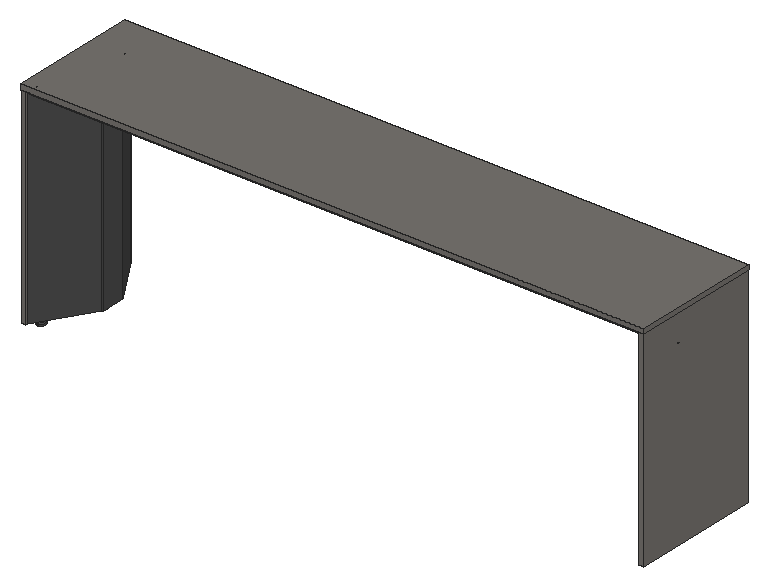
Revit family "revitupgrade", category Furniture, Revit 2019
Family settings
  Work Plane-Based = No
  Always vertical = Yes
  Cut with Voids When Loaded = No
  Shared = No
  Room Calculation Point = No
Parameters (values of type "66W")
  URL = "https://www.steelcase.com"
  Top [instance] = Steelcase - 25L6 Blackwood LPL
  Symbol Name = "TS4TPST"
  Style Number(s) = "TS4TPST"
  Release Date = "April 2018"  # constant formula
  Receptacle = Steelcase - 6249 Platinum Solid
  Product Line = "Turnstone"  # constant formula
  Product = "Campfire"  # constant formula
  Power Cord = Steelcase - 6205 Black
  Opaque [instance] = yes
  Manufacturer = "Steelcase"  # constant formula
  Description = ""
  Copyright = "© 2010 Steelcase Inc."  # constant formula
  AutoCAD Tag = "66/14"
  Authoring Version = "Revit 2016"  # constant formula
  Assembly Code = "E2020200"
Reference planes (in)
  plane 1 "Center Front/Back": y = 0
  plane 2 "Bottom": z = 0
  plane 3 "Center Left/Right": x = 0
  plane 4: x = 66
  plane 5: z = 23.07396
  plane 6: z = 22.559
  plane 7: z = 0.3189
  plane 8: y = -0.0395
  plane 9: y = -13.78576
  plane 10: y = -13.82513
  plane 11: x = 0.07855
  plane 12: x = 65.92143
  plane 13: x = 65.40648
  plane 14: x = 0.59351
  plane 15: x = 0.77099
  plane 16: through (0, -12.76328, 22.1769) normal (0, -0.5736, -0.8192)
  plane 17: through (0, -1.06557, 22.1744) normal (0, -0.5736, 0.8192)
  plane 18: y = -6.91257
Forms (in)
  Extrusion 1, solid, material "Steelcase - 25L6 Blackwood LPL" <- "Top"
    sketch origin (0, 0, 0) x (1, 0, 0) y (0, 1, 0)
      loop
        line (0, -0.0395) -> (0, -13.82513) -> (66, -13.82513) -> (66, -0.0395) -> (0, -0.0395)
    from 22.559 to 23.07396
  Extrusion 2, solid, material "Steelcase - 25L6 Blackwood LPL"
    sketch origin (0, 0, 0) x (1, 0, 0) y (0, 0, 1)
      loop
        line (0.07855, 22.559) -> (0.07855, 0.48902) -> (0.59351, 0.48902) -> (0.59351, 22.559) -> (0.07855, 22.559)
      loop
        line (65.40648, 22.559) -> (65.40648, 0.48902) -> (65.92143, 0.48902) -> (65.92143, 22.559) -> (65.40648, 22.559)
    from 0.0395 to 13.78576
  Extrusion 3, solid, material "Steelcase - 6205 Black" <- "Power Cord"
    sketch origin (0, 0, 0) x (1, 0, 0) y (0, 1, 0)
      loop
        arc (0.59351, -13.6349) -> (0.64317, -13.70086) -> (0.72029, -13.67137) r 0.06863
        line (0.72029, -13.67137) -> (4.05531, -8.16663)
        arc (4.05531, -8.16663) -> (4.10547, -8.05437) -> (4.12264, -7.93262) r 0.44037
        line (4.12264, -7.93262) -> (4.12264, -5.48077)
        arc (4.12264, -5.48077) -> (4.11027, -5.39301) -> (4.07411, -5.3121) r 0.3174
        line (4.07411, -5.3121) -> (0.72112, -0.15522)
        arc (0.72112, -0.15522) -> (0.6435, -0.12554) -> (0.59351, -0.19193) r 0.06908
        line (0.59351, -0.19193) -> (0.59351, -13.6349)
    from 0.48902 to 22.559
  Extrusion 4, solid, material "Steelcase - 6205 Black" <- "Power Cord"
    sketch origin (66, 0, 0) x (-1, 0, 0) y (0, -1, 0)
      loop
        line (0.59352, 13.63489) -> (0.59352, 0.19194)
        arc (0.59352, 0.19194) -> (0.6435, 0.12555) -> (0.72113, 0.15523) r 0.06908
        line (0.72113, 0.15523) -> (4.07411, 5.50035)
        arc (4.07411, 5.50035) -> (4.11027, 5.58126) -> (4.12264, 5.66902) r 0.3174
        line (4.12264, 5.66902) -> (4.12264, 8.12087)
        arc (4.12264, 8.12087) -> (4.10547, 8.24263) -> (4.05531, 8.35489) r 0.44037
        line (4.05531, 8.35489) -> (0.72029, 13.67136)
        arc (0.72029, 13.67136) -> (0.64318, 13.70085) -> (0.59352, 13.63489) r 0.06863
    from 0.48902 to 22.559
  Extrusion 5, solid, material "Steelcase - 6205 Black" <- "Power Cord"
    sketch origin (0, 0, 0) x (0, 1, 0) y (0, 0, 1)
      loop
        line (-0.20242, 22.559) -> (-1.15132, 22.559)
        arc (-1.15132, 22.559) -> (-1.22632, 22.50968) -> (-1.21076, 22.42128) r 0.08169
        line (-1.21076, 22.42128) -> (-1.06924, 22.27112)
        arc (-1.06924, 22.27112) -> (-1.05843, 22.23922) -> (-1.07548, 22.21018) r 0.04049
        line (-1.07548, 22.21018) -> (-5.47515, 19.1295)
        arc (-5.47515, 19.1295) -> (-5.58153, 19.07704) -> (-5.69875, 19.059) r 0.38984
        line (-5.69875, 19.059) -> (-8.14973, 19.059)
        arc (-8.14973, 19.059) -> (-8.24496, 19.07369) -> (-8.33135, 19.11639) r 0.31607
        line (-8.33135, 19.11639) -> (-12.74749, 22.21713)
        arc (-12.74749, 22.21713) -> (-12.76574, 22.24882) -> (-12.75322, 22.28318) r 0.0433
        line (-12.75322, 22.28318) -> (-12.60914, 22.42726)
        arc (-12.60914, 22.42726) -> (-12.59241, 22.51136) -> (-12.66371, 22.559) r 0.07717
        line (-12.66371, 22.559) -> (-13.62482, 22.559)
        arc (-13.62482, 22.559) -> (-13.6991, 22.50755) -> (-13.67706, 22.41992) r 0.07935
        line (-13.67706, 22.41992) -> (-13.49349, 22.25937) -> (-13.65968, 22.4494)
        arc (-13.65968, 22.4494) -> (-13.66679, 22.49761) -> (-13.62582, 22.524) r 0.04498
        line (-13.62582, 22.524) -> (-12.66501, 22.524)
        arc (-12.66501, 22.524) -> (-12.62555, 22.49764) -> (-12.63481, 22.45109) r 0.04271
        line (-12.63481, 22.45109) -> (-12.775, 22.3109)
        arc (-12.775, 22.3109) -> (-12.80038, 22.24117) -> (-12.76328, 22.1769) r 0.0878
        line (-12.76328, 22.1769) -> (-8.35225, 19.08827)
        arc (-8.35225, 19.08827) -> (-8.25528, 19.04045) -> (-8.14841, 19.024) r 0.3554
        line (-8.14841, 19.024) -> (-5.65046, 19.024)
        arc (-5.65046, 19.024) -> (-5.56877, 19.03657) -> (-5.49464, 19.07313) r 0.27165
        line (-5.49464, 19.07313) -> (-1.06557, 22.1744)
        arc (-1.06557, 22.1744) -> (-1.02692, 22.24135) -> (-1.05336, 22.31399) r 0.09146
        line (-1.05336, 22.31399) -> (-1.1922, 22.45283)
        arc (-1.1922, 22.45283) -> (-1.20124, 22.49826) -> (-1.16272, 22.524) r 0.04169
        line (-1.16272, 22.524) -> (-0.19684, 22.524)
        arc (-0.19684, 22.524) -> (-0.15696, 22.4983) -> (-0.16387, 22.45136) r 0.0438
        line (-0.16387, 22.45136) -> (-0.33178, 22.25937) -> (-0.1497, 22.41862)
        arc (-0.1497, 22.41862) -> (-0.12745, 22.50707) -> (-0.20242, 22.559) r 0.08009
    from 0.59351 to 65.40648
  Extrusion 6, solid, material "Steelcase - 6249 Platinum Solid" <- "Receptacle"
    sketch origin (0, -12.76328, 22.1769) x (0, -0.819152, 0.573576) y (-1, 0, 0)
      loop
        line (-2.86306, -31.42039) -> (-4.61306, -31.42039) -> (-4.61306, -34.56436) -> (-2.86306, -34.56436) -> (-2.86306, -31.42039)
    from 0 to 0.04463
  Extrusion 7, solid, material "Steelcase - 6249 Platinum Solid" <- "Receptacle"
    sketch origin (0, -1.06186, 22.1769) x (0, 0.819152, 0.573576) y (1, 0, 0)
      loop
        line (-2.86306, 31.42039) -> (-2.86306, 34.56436) -> (-4.61306, 34.56436) -> (-4.61306, 31.42039) -> (-2.86306, 31.42039)
    from 0 to 0.04463
  Extrusion 8, solid, material "Steelcase - 6249 Platinum Solid" <- "Receptacle"
    sketch origin (0, -12.76328, 22.1769) x (0, -0.819152, 0.573576) y (-1, 0, 0)
      loop
        line (-3.25082, -32.46251) -> (-4.56921, -32.46251) -> (-4.56921, -33.53278) -> (-3.25082, -33.53278) -> (-3.25082, -32.46251)
      loop
        line (-3.44486, -32.68499) -> (-4.02505, -32.68499) -> (-4.02505, -32.8133) -> (-3.44486, -32.8133) -> (-3.44486, -32.68499)
      loop
        line (-3.47839, -33.18299) -> (-3.97839, -33.18299) -> (-3.97839, -33.30767) -> (-3.47839, -33.30767) -> (-3.47839, -33.18299)
      loop
        line (-4.08234, -32.88399) -> (-4.18534, -32.88399) -> (-4.18534, -33.11599) -> (-4.08234, -33.11599) -> (-3.96634, -32.99984) -> (-4.08234, -32.88399)
    from 0 to 0.17324
  Extrusion 9, solid, material "Steelcase - 6249 Platinum Solid" <- "Receptacle"
    sketch origin (0, -1.06186, 22.1769) x (0, 0.819152, 0.573576) y (1, 0, 0)
      loop
        line (-3.25082, 32.46251) -> (-3.25082, 33.53278) -> (-4.56921, 33.53278) -> (-4.56921, 32.46251) -> (-3.25082, 32.46251)
      loop
        line (-3.44486, 32.68499) -> (-3.44486, 32.8133) -> (-4.02505, 32.8133) -> (-4.02505, 32.68499) -> (-3.44486, 32.68499)
      loop
        line (-3.47839, 33.18299) -> (-3.47839, 33.30767) -> (-3.97839, 33.30767) -> (-3.97839, 33.18299) -> (-3.47839, 33.18299)
      loop
        line (-4.08234, 32.88399) -> (-3.96634, 32.99984) -> (-4.08234, 33.11599) -> (-4.18534, 33.11599) -> (-4.18534, 32.88399) -> (-4.08234, 32.88399)
    from 0 to 0.17324
  Revolve 10, solid, material "Steelcase - 6205 Black"
    sketch origin (0.90625, 0, 0) x (0, 1, 0) y (0, 0, 1)
      loop
        line (-1.38728, 1.44086) -> (-1.38728, 0) -> (-0.9493, 0) -> (-0.9493, 0.11883)
        arc (-0.9493, 0.11883) -> (-1.04963, 0.19109) -> (-1.088, 0.30864) r 0.19921
        line (-1.088, 0.30864) -> (-1.088, 0.44428) -> (-1.22845, 0.44428) -> (-1.22845, 1.40005) -> (-1.27149, 1.44086) -> (-1.38728, 1.44086)
      axis (-1.38728, 1.44086) -> (-1.38728, 0)
    angle from 0 to 360
  Revolve 11, solid, material "Steelcase - 6205 Black"
    sketch origin (0.90625, -10.81162, 0) x (0, 1, 0) y (0, 0, 1)
      loop
        line (-1.38728, 1.44086) -> (-1.38728, 0) -> (-0.9493, 0) -> (-0.9493, 0.11883)
        arc (-0.9493, 0.11883) -> (-1.04963, 0.19109) -> (-1.088, 0.30864) r 0.19921
        line (-1.088, 0.30864) -> (-1.088, 0.44428) -> (-1.22845, 0.44428) -> (-1.22845, 1.40005) -> (-1.27149, 1.44086) -> (-1.38728, 1.44086)
      axis (-1.38728, 1.44086) -> (-1.38728, 0)
    angle from 0 to 360
  Revolve 12, solid, material "Steelcase - 6205 Black"
    sketch origin (3.19193, -5.40123, 0) x (0, 1, 0) y (0, 0, 1)
      loop
        line (-1.38728, 1.44086) -> (-1.38728, 0) -> (-0.9493, 0) -> (-0.9493, 0.11883)
        arc (-0.9493, 0.11883) -> (-1.04963, 0.19109) -> (-1.088, 0.30864) r 0.19921
        line (-1.088, 0.30864) -> (-1.088, 0.44428) -> (-1.22845, 0.44428) -> (-1.22845, 1.40005) -> (-1.27149, 1.44086) -> (-1.38728, 1.44086)
      axis (-1.38728, 1.44086) -> (-1.38728, 0)
    angle from 0 to 360
  Revolve 13, solid, material "Steelcase - 6205 Black"
    sketch origin (64.8133, 0, 0) x (0, 1, 0) y (0, 0, -1)
      loop
        line (-1.38728, -1.44086) -> (-1.27149, -1.44086) -> (-1.22845, -1.40005) -> (-1.22845, -0.44428) -> (-1.088, -0.44428) -> (-1.088, -0.30864)
        arc (-1.088, -0.30864) -> (-1.04963, -0.19109) -> (-0.9493, -0.11883) r 0.19921
        line (-0.9493, -0.11883) -> (-0.9493, 0) -> (-1.38728, 0) -> (-1.38728, -1.44086)
      axis (-1.38728, -1.44086) -> (-1.38728, 0)
    angle from 0 to 360
  Revolve 14, solid, material "Steelcase - 6205 Black"
    sketch origin (64.8133, -10.81162, 0) x (0, 1, 0) y (0, 0, -1)
      loop
        line (-1.38728, -1.44086) -> (-1.27149, -1.44086) -> (-1.22845, -1.40005) -> (-1.22845, -0.44428) -> (-1.088, -0.44428) -> (-1.088, -0.30864)
        arc (-1.088, -0.30864) -> (-1.04963, -0.19109) -> (-0.9493, -0.11883) r 0.19921
        line (-0.9493, -0.11883) -> (-0.9493, 0) -> (-1.38728, 0) -> (-1.38728, -1.44086)
      axis (-1.38728, -1.44086) -> (-1.38728, 0)
    angle from 0 to 360
  Revolve 15, solid, material "Steelcase - 6205 Black"
    sketch origin (62.52762, -5.40123, 0) x (0, 1, 0) y (0, 0, -1)
      loop
        line (-1.38728, -1.44086) -> (-1.27149, -1.44086) -> (-1.22845, -1.40005) -> (-1.22845, -0.44428) -> (-1.088, -0.44428) -> (-1.088, -0.30864)
        arc (-1.088, -0.30864) -> (-1.04963, -0.19109) -> (-0.9493, -0.11883) r 0.19921
        line (-0.9493, -0.11883) -> (-0.9493, 0) -> (-1.38728, 0) -> (-1.38728, -1.44086)
      axis (-1.38728, -1.44086) -> (-1.38728, 0)
    angle from 0 to 360
Lines and regions (in)
  Masking region 1, visible <- "Opaque"
    outline origin (0, 0, 0) x (1, 0, 0) y (0, 1, 0)
      loop
        line (66, 0) -> (0, 0) -> (0, -13.82513) -> (66, -13.82513) -> (66, 0)
  symbolic lines, style "Steelcase Furniture"
    curve 1: line (0, 0, 0) -> (66, 0, 0)
    curve 2: line (0, -13.82513, 0) -> (0, 0, 0)
    curve 3: line (66, -13.82513, 0) -> (0, -13.82513, 0)
    curve 4: line (66, 0, 0) -> (66, -13.82513, 0)
Dimensions and locks (in)
  locked: plane 7 to plane 2 "Bottom" at 0.3189
  plane 3 "Center Left/Right" to plane 11 to plane 14 = 0.07855" locked, 0.51496" locked
  plane 13 to plane 12 to plane 4 = 0.51495" locked, 0.07857" locked
  equal spacing: plane 1 "Center Front/Back", plane 18, plane 10
  aligned and locked: level to plane 2 "Bottom"
  aligned and locked: plane 5 to Extrusion 1
  aligned and locked: Extrusion 1 to plane 6
  aligned and locked: Extrusion 1 to plane 8
  aligned and locked: plane 9 to Extrusion 2
  aligned and locked: plane 10 to Extrusion 1
  aligned and locked: plane 6 to Extrusion 2  (x2)
  aligned and locked: Extrusion 2 to plane 9  (x2)
  aligned and locked: Extrusion 2 to plane 8
  aligned and locked: plane 14 to Extrusion 3 sketch curve
  aligned and locked: plane 6 to Extrusion 3
  aligned and locked: Extrusion 4 to plane 13
  aligned and locked: plane 13 to Extrusion 2
  aligned and locked: plane 14 to Extrusion 2
Automatic sketch dimensions
  curve 3 to plane 3 "Center Left/Right" = 0.00"
  curve 3 to plane 4 = 0.00"
  plane 10 to curve 3 = 0.00"
  plane 1 "Center Front/Back" to curve 2 = 0.00"
  Extrusion 1 sketch curve to plane 3 "Center Left/Right" = 0.00"
  Extrusion 1 sketch curve to plane 4 = 0.00"
  plane 10 to Extrusion 1 sketch curve = 0.00"
  plane 8 to Extrusion 1 sketch curve = 0.00"
  Extrusion 2 sketch curve to plane 11 = 0.00"
  Extrusion 2 sketch curve to plane 14 = 0.00"
  Extrusion 2 sketch curve to plane 6 = 0.00"  (x2)
  plane 13 to Extrusion 2 sketch curve = 0.00"
  plane 12 to Extrusion 2 sketch curve = 0.00"
  plane 7 to Extrusion 2 sketch curve = 0.17012"  (x2)
  plane 1 "Center Front/Back" to Masking region 1 sketch curve = 0.00"
  Masking region 1 sketch curve to plane 3 "Center Left/Right" = 0.00"
  Masking region 1 sketch curve to plane 4 = 0.00"
  plane 10 to Masking region 1 sketch curve = 0.00"
  Extrusion 3 sketch curve to Extrusion 3 sketch curve = 0.06863"
  Extrusion 3 sketch curve to Extrusion 3 sketch curve = 0.06908"
  Extrusion 3 sketch curve to plane 15 = 0.0507"
  Extrusion 3 sketch curve to plane 15 = 0.04987"
  plane 15 to Extrusion 3 sketch curve = 2.91128"
  Extrusion 3 sketch curve to Extrusion 3 sketch curve = 0.12296"
  plane 18 to Extrusion 3 sketch curve = 1.25407"
  Extrusion 3 sketch curve to Extrusion 3 sketch curve = 0.37305"
  Extrusion 3 sketch curve to plane 18 = 1.60047"
  Extrusion 3 sketch curve to Extrusion 3 sketch curve = 0.26888"
  Extrusion 3 sketch curve to Extrusion 3 sketch curve = 0.04852"
  Extrusion 3 sketch curve to plane 9 = 0.15086"
  plane 8 to Extrusion 3 sketch curve = 0.15243"
  Extrusion 4 sketch curve to plane 13 = 0.00"
  Extrusion 4 sketch curve to Extrusion 4 sketch curve = 0.06863"
  Extrusion 4 sketch curve to Extrusion 4 sketch curve = 0.06908"
  plane 9 to Extrusion 4 sketch curve = 0.1144"
  Extrusion 4 sketch curve to Extrusion 4 sketch curve = 0.05814"
  Extrusion 4 sketch curve to plane 8 = 0.11573"
  Extrusion 4 sketch curve to Extrusion 4 sketch curve = 0.05852"
  Extrusion 4 sketch curve to plane 13 = 3.08875"
  Extrusion 4 sketch curve to Extrusion 4 sketch curve = 0.12296"
  Extrusion 4 sketch curve to plane 18 = 1.44232"
  Extrusion 4 sketch curve to Extrusion 4 sketch curve = 0.37305"
  plane 18 to Extrusion 4 sketch curve = 1.41222"
  Extrusion 4 sketch curve to Extrusion 4 sketch curve = 0.26888"
  Extrusion 4 sketch curve to Extrusion 4 sketch curve = 0.04852"
  plane 6 to Extrusion 5 sketch curve = 0.00"  (x2)
  Extrusion 5 sketch curve to plane 16 = 0.00"
  plane 16 to Extrusion 5 sketch curve = 0.00"
  Extrusion 5 sketch curve to plane 17 = 0.00"
  Extrusion 5 sketch curve to plane 9 = 0.1087"
  Extrusion 5 sketch curve to Extrusion 5 sketch curve = 0.01738"
  Extrusion 5 sketch curve to Extrusion 5 sketch curve = 0.03386"
  Extrusion 5 sketch curve to Extrusion 5 sketch curve = 0.001"
  Extrusion 5 sketch curve to Extrusion 5 sketch curve = 0.18357"
  Extrusion 5 sketch curve to plane 6 = 0.2481"
  Extrusion 5 sketch curve to Extrusion 5 sketch curve = 0.71849"
  Extrusion 5 sketch curve to plane 6 = 0.3821"
  Extrusion 5 sketch curve to plane 6 = 0.27582"
  Extrusion 5 sketch curve to Extrusion 5 sketch curve = 0.02177"
  Extrusion 5 sketch curve to plane 6 = 0.34187"
  Extrusion 5 sketch curve to Extrusion 5 sketch curve = 0.01579"
  Extrusion 5 sketch curve to Extrusion 5 sketch curve = 0.03062"
  Extrusion 5 sketch curve to Extrusion 5 sketch curve = 0.00969"
  Extrusion 5 sketch curve to plane 6 = 0.035"  (x2)
  Extrusion 5 sketch curve to Extrusion 5 sketch curve = 0.10999"
  Extrusion 5 sketch curve to Extrusion 5 sketch curve = 0.0013"
  Extrusion 5 sketch curve to plane 6 = 0.10791"
  Extrusion 5 sketch curve to Extrusion 5 sketch curve = 0.0289"
  Extrusion 5 sketch curve to plane 6 = 0.13174"
  Extrusion 5 sketch curve to Extrusion 5 sketch curve = 0.02567"
  plane 18 to Extrusion 5 sketch curve = 1.43969"
  Extrusion 5 sketch curve to Extrusion 5 sketch curve = 0.0209"
  Extrusion 5 sketch curve to Extrusion 5 sketch curve = 0.18162"
  Extrusion 5 sketch curve to Extrusion 5 sketch curve = 0.00132"
  Extrusion 5 sketch curve to plane 18 = 1.21381"
  Extrusion 5 sketch curve to Extrusion 5 sketch curve = 0.0483"
  Extrusion 5 sketch curve to Extrusion 5 sketch curve = 0.15581"
  Extrusion 5 sketch curve to Extrusion 5 sketch curve = 0.01949"
  Extrusion 5 sketch curve to plane 6 = 0.13771"
  plane 8 to Extrusion 5 sketch curve = 1.17126"
  Extrusion 5 sketch curve to plane 6 = 0.10617"
  Extrusion 5 sketch curve to Extrusion 5 sketch curve = 0.01856"
  Extrusion 5 sketch curve to Extrusion 5 sketch curve = 0.02948"  (x2)
  Extrusion 5 sketch curve to Extrusion 5 sketch curve = 0.0114"
  Extrusion 5 sketch curve to Extrusion 5 sketch curve = 0.09273"
  Extrusion 5 sketch curve to Extrusion 5 sketch curve = 0.01933"
  Extrusion 5 sketch curve to plane 6 = 0.34881"
  Extrusion 5 sketch curve to Extrusion 5 sketch curve = 0.02322"
  Extrusion 5 sketch curve to plane 6 = 0.28788"
  Extrusion 5 sketch curve to Extrusion 5 sketch curve = 0.02946"
  Extrusion 5 sketch curve to plane 6 = 0.3846"
  Extrusion 5 sketch curve to plane 6 = 0.24501"
  Extrusion 5 sketch curve to Extrusion 5 sketch curve = 0.01588"
  plane 8 to Extrusion 5 sketch curve = 0.29227"
  Extrusion 5 sketch curve to plane 6 = 0.08009"
  plane 8 to Extrusion 5 sketch curve = 0.16292"
  Extrusion 5 sketch curve to Extrusion 5 sketch curve = 0.00558"
  Extrusion 5 sketch curve to Extrusion 5 sketch curve = 0.03297"
  Extrusion 5 sketch curve to Extrusion 5 sketch curve = 0.01417"
  Extrusion 5 sketch curve to Extrusion 5 sketch curve = 0.01515"
  Extrusion 5 sketch curve to Extrusion 5 sketch curve = 0.01413"
  Extrusion 5 sketch curve to Extrusion 5 sketch curve = 0.035"
  Extrusion 5 sketch curve to Extrusion 5 sketch curve = 0.02812"
  Extrusion 5 sketch curve to Extrusion 5 sketch curve = 0.05637"
  Extrusion 5 sketch curve to Extrusion 5 sketch curve = 0.15925"
  Extrusion 5 sketch curve to Extrusion 5 sketch curve = 0.26463"
  Extrusion 5 sketch curve to Extrusion 5 sketch curve = 0.10408"
  Extrusion 5 sketch curve to Extrusion 5 sketch curve = 0.03274"
  plane 15 to Extrusion 6 sketch curve = 30.6494"
  Extrusion 6 sketch curve to Extrusion 6 sketch curve = 1.75"
  Extrusion 6 sketch curve to Extrusion 6 sketch curve = 3.14397"
  plane 15 to Extrusion 7 sketch curve = 30.6494"
  Extrusion 7 sketch curve to Extrusion 7 sketch curve = 1.75"
  Extrusion 7 sketch curve to Extrusion 7 sketch curve = 3.14397"
  plane 15 to Extrusion 8 sketch curve = 31.69152"
  Extrusion 8 sketch curve to Extrusion 8 sketch curve = 0.38387"
  plane 13 to Extrusion 8 sketch curve = 32.29049"
  Extrusion 8 sketch curve to Extrusion 8 sketch curve = 0.00"
  Extrusion 8 sketch curve to Extrusion 8 sketch curve = 0.103"  (x2)
  Extrusion 8 sketch curve to Extrusion 8 sketch curve = 0.05729"
  Extrusion 8 sketch curve to Extrusion 8 sketch curve = 0.10394"
  plane 15 to Extrusion 8 sketch curve = 32.22885"
  Extrusion 8 sketch curve to Extrusion 8 sketch curve = 0.116"
  Extrusion 8 sketch curve to Extrusion 8 sketch curve = 0.50"
  Extrusion 8 sketch curve to Extrusion 8 sketch curve = 0.03354"
  Extrusion 8 sketch curve to Extrusion 8 sketch curve = 0.19404"
  Extrusion 8 sketch curve to Extrusion 8 sketch curve = 0.067"
  Extrusion 8 sketch curve to Extrusion 8 sketch curve = 0.12468"
  Extrusion 8 sketch curve to Extrusion 8 sketch curve = 0.41679"
  Extrusion 8 sketch curve to Extrusion 8 sketch curve = 0.11585"
  Extrusion 8 sketch curve to Extrusion 8 sketch curve = 0.07069"
  Extrusion 8 sketch curve to Extrusion 8 sketch curve = 0.12831"
  plane 15 to Extrusion 9 sketch curve = 31.69152"
  Extrusion 9 sketch curve to Extrusion 9 sketch curve = 0.38387"
  plane 13 to Extrusion 9 sketch curve = 32.29049"
  Extrusion 9 sketch curve to Extrusion 9 sketch curve = 0.00"
  Extrusion 9 sketch curve to Extrusion 9 sketch curve = 0.103"  (x2)
  Extrusion 9 sketch curve to Extrusion 9 sketch curve = 0.05729"
  Extrusion 9 sketch curve to Extrusion 9 sketch curve = 0.10394"
  plane 15 to Extrusion 9 sketch curve = 32.22885"
  Extrusion 9 sketch curve to Extrusion 9 sketch curve = 0.116"
  Extrusion 9 sketch curve to Extrusion 9 sketch curve = 0.50"
  Extrusion 9 sketch curve to Extrusion 9 sketch curve = 0.03354"
  Extrusion 9 sketch curve to Extrusion 9 sketch curve = 0.19404"
  Extrusion 9 sketch curve to Extrusion 9 sketch curve = 0.22248"
  Extrusion 9 sketch curve to Extrusion 9 sketch curve = 0.12831"
  Extrusion 9 sketch curve to Extrusion 9 sketch curve = 0.07069"
  Extrusion 9 sketch curve to Extrusion 9 sketch curve = 0.067"
  Extrusion 9 sketch curve to Extrusion 9 sketch curve = 0.12468"
  Extrusion 9 sketch curve to Extrusion 9 sketch curve = 0.22511"
  level to Revolve 10 sketch curve = 0.00"
  plane 8 to Revolve 10 sketch curve = 1.34777"
  Revolve 10 sketch curve to Revolve 10 sketch curve = 0.11579"
  Revolve 10 sketch curve to Revolve 10 sketch curve = 0.04304"
  Revolve 10 sketch curve to Revolve 10 sketch curve = 0.14045"
  Revolve 10 sketch curve to Revolve 10 sketch curve = 0.13871"
  Revolve 10 sketch curve to plane 7 = 0.01026"
  Revolve 10 sketch curve to Revolve 10 sketch curve = 0.19921"
  plane 7 to Revolve 10 sketch curve = 0.12538"
  Revolve 10 sketch curve to Revolve 10 sketch curve = 0.95577"
  Revolve 10 sketch curve to Revolve 10 sketch curve = 0.04081"
  Revolve 10 sketch curve to Revolve 10 sketch curve = 0.00"  (x2)
  Revolve 10 sketch curve to Revolve 10 sketch curve = 0.14577"
  level to Revolve 11 sketch curve = 0.00"
  Revolve 11 sketch curve to plane 9 = 1.58687"
  Revolve 11 sketch curve to Revolve 11 sketch curve = 0.11579"
  Revolve 11 sketch curve to Revolve 11 sketch curve = 0.04304"
  Revolve 11 sketch curve to Revolve 11 sketch curve = 0.14045"
  Revolve 11 sketch curve to Revolve 11 sketch curve = 0.13871"
  Revolve 11 sketch curve to plane 7 = 0.01026"
  Revolve 11 sketch curve to Revolve 11 sketch curve = 0.19921"
  plane 7 to Revolve 11 sketch curve = 0.12538"
  Revolve 11 sketch curve to Revolve 11 sketch curve = 0.95577"
  Revolve 11 sketch curve to Revolve 11 sketch curve = 0.04081"
  Revolve 11 sketch curve to Revolve 11 sketch curve = 0.00"  (x2)
  Revolve 11 sketch curve to Revolve 11 sketch curve = 0.14577"
  level to Revolve 12 sketch curve = 0.00"
  Revolve 12 sketch curve to plane 18 = 0.12406"
  Revolve 12 sketch curve to Revolve 12 sketch curve = 0.11579"
  Revolve 12 sketch curve to Revolve 12 sketch curve = 0.04304"
  Revolve 12 sketch curve to Revolve 12 sketch curve = 0.14045"
  Revolve 12 sketch curve to Revolve 12 sketch curve = 0.13871"
  Revolve 12 sketch curve to plane 7 = 0.01026"
  Revolve 12 sketch curve to Revolve 12 sketch curve = 0.19921"
  plane 7 to Revolve 12 sketch curve = 0.12538"
  Revolve 12 sketch curve to Revolve 12 sketch curve = 0.95577"
  Revolve 12 sketch curve to Revolve 12 sketch curve = 0.04081"
  Revolve 12 sketch curve to Revolve 12 sketch curve = 0.00"  (x2)
  Revolve 12 sketch curve to Revolve 12 sketch curve = 0.14577"
  Revolve 13 sketch curve to level = 0.00"
  plane 8 to Revolve 13 sketch curve = 1.34777"
  Revolve 13 sketch curve to Revolve 13 sketch curve = 0.11579"
  Revolve 13 sketch curve to Revolve 13 sketch curve = 0.04304"
  Revolve 13 sketch curve to Revolve 13 sketch curve = 0.14045"
  Revolve 13 sketch curve to Revolve 13 sketch curve = 0.13871"
  Revolve 13 sketch curve to plane 7 = 0.01026"
  Revolve 13 sketch curve to Revolve 13 sketch curve = 0.19921"
  plane 7 to Revolve 13 sketch curve = 0.12538"
  Revolve 13 sketch curve to Revolve 13 sketch curve = 0.95577"
  Revolve 13 sketch curve to Revolve 13 sketch curve = 0.04081"
  Revolve 13 sketch curve to Revolve 13 sketch curve = 0.00"  (x2)
  Revolve 13 sketch curve to Revolve 13 sketch curve = 0.14577"
  Revolve 14 sketch curve to level = 0.00"
  Revolve 14 sketch curve to plane 9 = 1.58687"
  Revolve 14 sketch curve to Revolve 14 sketch curve = 0.11579"
  Revolve 14 sketch curve to Revolve 14 sketch curve = 0.04304"
  Revolve 14 sketch curve to Revolve 14 sketch curve = 0.14045"
  Revolve 14 sketch curve to Revolve 14 sketch curve = 0.13871"
  Revolve 14 sketch curve to plane 7 = 0.01026"
  Revolve 14 sketch curve to Revolve 14 sketch curve = 0.19921"
  plane 7 to Revolve 14 sketch curve = 0.12538"
  Revolve 14 sketch curve to Revolve 14 sketch curve = 0.95577"
  Revolve 14 sketch curve to Revolve 14 sketch curve = 0.04081"
  Revolve 14 sketch curve to Revolve 14 sketch curve = 0.00"  (x2)
  Revolve 14 sketch curve to Revolve 14 sketch curve = 0.14577"
  Revolve 15 sketch curve to level = 0.00"
  Revolve 15 sketch curve to plane 18 = 0.12406"
  Revolve 15 sketch curve to Revolve 15 sketch curve = 0.11579"
  Revolve 15 sketch curve to Revolve 15 sketch curve = 0.04304"
  Revolve 15 sketch curve to Revolve 15 sketch curve = 0.14045"
  Revolve 15 sketch curve to Revolve 15 sketch curve = 0.13871"
  Revolve 15 sketch curve to plane 7 = 0.01026"
  Revolve 15 sketch curve to Revolve 15 sketch curve = 0.19921"
  plane 7 to Revolve 15 sketch curve = 0.12538"
  Revolve 15 sketch curve to Revolve 15 sketch curve = 0.95577"
  Revolve 15 sketch curve to Revolve 15 sketch curve = 0.04081"
  Revolve 15 sketch curve to Revolve 15 sketch curve = 0.00"  (x2)
  Revolve 15 sketch curve to Revolve 15 sketch curve = 0.14577"
